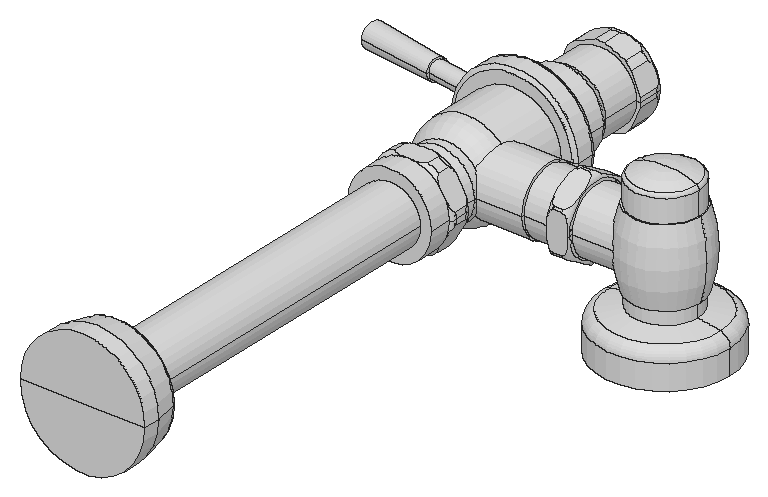
Revit family "Plumbing-Flushometer-Sloan-Valve-Dolphin-111_", category Plumbing Fixtures, host Face, Revit 2019
Family settings
  Host = Face
  Round Connector Dimension = Use Diameter
  Part Type = Normal
  OmniClass Number = 23.45.05.14.99
  OmniClass Title = Other Sanitary Washing Plumbing Fixtures
  Cut with Voids When Loaded = No
  Shared = No
  Room Calculation Point = No
Parameters (values of type "Not a Type - Load Type Catalog!")
  Water Inlet Connection Diameter = 1"  # constant formula
  Water Inlet Connection Description = "Water Inlet Connection"  # constant formula
  Waste Connection = no
  WFU = 0
  Vent Connection = no
  Valve Pressure Drop = 0.00 psi
  URL = "www.sloanvalve.com"
  Product data url = "https://bimobject.com/sloan_valve/product/flushometers_dolphin-111"
  Product Material = Sloan Valve - Finish - Polished Chrome
  Product Guid = ""
  Part Number = "Part Number not specified - Load Type Catalog!"
  Operating Water Pressure = "15 – 80 PSI (103 – 552 kPa)"  # constant formula
  Model = "Model not specified - Load Type Catalog!"
  Manufacturer = "Sloan Valve"  # constant formula
  Keynote = "15410"
  Height = 16 3/8"  # constant formula
  HWFU = 0
  HW Connection = no
  Flush Rate = "1.6 gpf (6.0 Lpf)"
  Edition number = 1
  Description = "1.6 gpf, Angle Stop Bumper, Polished Chrome Finish, Fixture Connection Top Spud, Single Flush, Ground Joint Control Stop, Less Vacuum Breaker, Dolphin Exposed Manual Water Closet Flushometer."
  Default Elevation = 0"
  Centerline of Supply to Centerline of Valve = 4 3/4"  # constant formula
  Centerline of Supply from Top of Fixture = 11 1/2"  # constant formula
  CWFU = 0
  CW Connection = yes
  Assembly Code = "D2020300"
Reference planes (in)
  plane 1 "Center (Front/Back)": y = -1.25
  plane 2: z = 0
  plane 3 "Center (Left/Right)": x = 0
  plane 4: y = -12.75
  plane 5: x = 4.75
Dimensions and locks (in)
  plane 4 to nested 1 = 16.32677"
  aligned and locked: plane 2 to host face
  aligned and locked: level to host face
Nested families (in)
  nested 1: "Geometry" at (0, -12.75, 0) x (1, 0, 0) z (0, 1, 0), type "Geometry"
Connectors (in)
  piping at (4.75, -1.25, 0), diameter 1, driven by "Water Inlet Connection Diameter", driven by "CWFU", driven by "Valve Pressure Drop", driven by "Water Inlet Connection Description"
    settings: on nested 1, index 3, connector inside diameter 24", connector length 0", flow factor 0, pipe flow 0 GPM, pressure drop 0.00 psi, fitting loss kfactor 0, connector angle 0.00°, fixture units 0, engagement length 0", angle of deflection 0.00°, flow configuration 3, flow direction 1, fitting loss method 4, system type 20, joint type 0, gender type 0, connector reference index -1, connector utility 0, adjustable connector no, is connector primary yes, connector description "Water Inlet Connection"
Definition of nested family "Geometry"
  Parameters (values of type "Geometry")
    URL = ""
    Product Material = none
    Model = ""
    Manufacturer = ""
    Keynote = ""
    Description = ""
    Default Elevation = 0"
    Assembly Code = ""
  Reference planes (in)
    plane 1 "Center (Front/Back)": y = 0
    plane 2: z = 0
    plane 3 "Center (Left/Right)": x = 0
    plane 4: x = 4.75
    plane 5: y = -2.25
    plane 6: z = 11.5
    plane 7: z = 16.32677
    plane 8: z = 15.48819
    plane 9: x = -0.98425
    plane 10: z = 14.56299
    plane 11: z = 13.42913
    plane 12: z = 11.5
    plane 13: z = 10.87008
    plane 14: z = 10.64567
    plane 15: z = 10.26772
    plane 16: z = 13.88189
    plane 17: through (-5.0569, -180, 14.67508) normal (0.1564, 0, 0.9877)
    plane 18: through (-4.5093, -180, 14.58477) normal (-0.9867, 0, 0.1627)
    plane 19: z = 1.10236
    plane 20: x = 1.49606
    plane 21: z = 1.05236
    plane 22: x = 1.36024
  Forms (in)
    Extrusion 1, solid
      sketch origin (0, 0, 0) x (1, 0, 0) y (0, 1, 0)
        loop
          line (-48, 48) -> (-48, -48) -> (48, -48) -> (48, 48) -> (-48, 48)
      from 0 to -12
    Extrusion 2, solid, material <- "Product Material", not visible
      sketch origin (0, 0, 0) x (1, 0, 0) y (0, 0, 1)
        loop
          circle (4.75, 11.5) r 1
      from 0.07956 to 0
    Revolve 3, solid, material <- "Product Material"
      sketch origin (0, 3, 11.5) x (1, 0, 0) y (0, 1, 0)
        loop
          arc (5.59646, -6.1752) -> (5.75502, -5.25) -> (5.59646, -4.3248) r 2.77845
          line (5.59646, -4.3248) -> (5.5374, -4.3248) -> (5.5374, -3.99194)
          arc (5.5374, -3.99194) -> (5.8144, -3.95568) -> (6.08617, -3.89103) r 2.70259
          arc (6.08617, -3.89103) -> (6.24431, -3.78128) -> (6.30512, -3.59864) r 0.3047
          line (6.30512, -3.59864) -> (6.30512, -3) -> (4.75, -3) -> (4.75, -6.97813)
          arc (4.75, -6.97813) -> (5.13409, -6.94086) -> (5.49815, -6.81288) r 1.60287
          arc (5.49815, -6.81288) -> (5.54115, -6.77387) -> (5.55709, -6.71804) r 0.10577
          line (5.55709, -6.71804) -> (5.55709, -6.1752) -> (5.59646, -6.1752)
        axis (4.75, -3) -> (4.75, -6.97813)
      angle from 0 to 360
    Revolve 4, solid, material <- "Product Material"
      sketch origin (0, -2.25, -15) x (1, 0, 0) y (0, 0, 1)
        loop
          line (1.49606, 15) -> (1.49606, 15.41339) -> (1.3704, 16.00454)
          arc (1.3704, 16.00454) -> (1.34962, 16.04163) -> (1.31148, 16.06042) r 0.07165
          arc (1.31148, 16.06042) -> (1.04671, 16.09164) -> (0.78031, 16.10206) r 3.40813
          line (0.78031, 16.10206) -> (0, 16.10206) -> (0, 15) -> (1.49606, 15)
        axis (0, 15) -> (0, 16.10206)
      angle from 0 to 360
    Revolve 5, solid, material <- "Product Material"
      sketch origin (0, -2.25, -15) x (1, 0, 0) y (0, 0, 1)
        loop
          line (0, 31.32677) -> (-0.62992, 31.32677) -> (-0.8835, 31.14927)
          arc (-0.8835, 31.14927) -> (-0.95755, 31.06484) -> (-0.98425, 30.95575) r 0.23622
          line (-0.98425, 30.95575) -> (-0.98425, 30.48819) -> (-0.8622, 30.48819) -> (-0.8622, 29.56299) -> (-0.98031, 29.36614) -> (-0.98031, 28.42913) -> (-1.44882, 28.42913)
          arc (-1.44882, 28.42913) -> (-1.5045, 28.40607) -> (-1.52756, 28.35039) r 0.07874
          line (-1.52756, 28.35039) -> (-1.52756, 27.93701) -> (-1.4252, 27.87795) -> (-1.14173, 27.87795) -> (-1.14173, 26.5)
          arc (-1.14173, 26.5) -> (-1.06982, 26.15622) -> (-0.86614, 25.87008) r 0.85771
          line (-0.86614, 25.87008) -> (-0.86614, 25.64567) -> (-0.82677, 25.26772) -> (0, 25.26772) -> (0, 31.32677)
        axis (0, 31.32677) -> (0, 25.26772)
      angle from 0 to 360
    Revolve 6, solid, material <- "Product Material"
      sketch origin (0, -2.25, -13.75) x (1, 0, 0) y (0, 0, 1)
        loop
          line (0, 26.05709) -> (0, 25.25) -> (4.10919, 25.25) -> (4.10919, 26.01772) -> (3.12494, 26.01772) -> (3.12494, 26.07677)
          arc (3.12494, 26.07677) -> (3.07881, 26.18813) -> (2.96746, 26.23425) r 0.15748
          line (2.96746, 26.23425) -> (2.75117, 26.23425)
          arc (2.75117, 26.23425) -> (2.63981, 26.18813) -> (2.59369, 26.07677) r 0.15748
          line (2.59369, 26.07677) -> (2.59369, 26.01772) -> (1.97042, 26.01772) -> (1.97042, 26.05709) -> (0, 26.05709)
        axis (0, 25.25) -> (4.10919, 25.25)
      angle from 0 to 360
    Extrusion 7, solid, material <- "Product Material"
      sketch origin (2.25, -2.25, 0.40132) x (0, -1, 0) y (0, 0, 1)
        loop
          circle (0, 13.37362) r 0.52756
      from 2.25 to 3.68307
    Revolve 8, solid, material <- "Product Material"
      sketch origin (2.25, -2.25, 0) x (1, 0, 0) y (0, 0, 1)
        loop
          line (-3.23589, 13.81106) -> (-3.23589, 14.0303) -> (-5.01019, 14.31132) -> (-5.00403, 14.3502) -> (-6.74592, 14.66595) -> (-6.79211, 14.37431) -> (-3.23589, 13.81106)
        axis (-3.23589, 13.81106) -> (-6.79211, 14.37431)
      angle from 0 to 360
    Extrusion 9, void
      sketch origin (0, 0, 0) x (1, 0, 0) y (0, 1, 0)
        loop
          line (0.72318, -1.52682) -> (0.80733, -1.44267)
          arc (0.80733, -1.44267) -> (0.43692, -1.19518) -> (0, -1.10827) r 1.14173
          line (0, -1.10827) -> (0, -1.22727) -> (0.72318, -1.52682)
        loop
          line (-0.72318, -2.97318) -> (-0.80733, -3.05733)
          arc (-0.80733, -3.05733) -> (-0.43692, -3.30482) -> (0, -3.39173) r 1.14173
          line (0, -3.39173) -> (0, -3.27273) -> (-0.72318, -2.97318)
      from 15.04326 to 16.62359
    Extrusion 10, void
      sketch origin (0, 0, 0) x (1, 0, 0) y (0, 1, 0)
        loop
          line (0, -1.22727) -> (0, -1.10827)
          arc (0, -1.10827) -> (-0.43692, -1.19518) -> (-0.80733, -1.44267) r 1.14173
          line (-0.80733, -1.44267) -> (-0.72318, -1.52682) -> (0, -1.22727)
        loop
          line (0, -3.27273) -> (0, -3.39173)
          arc (0, -3.39173) -> (0.43692, -3.30482) -> (0.80733, -3.05733) r 1.14173
          line (0.80733, -3.05733) -> (0.72318, -2.97318) -> (0, -3.27273)
      from 15.14778 to 16.56034
    Extrusion 11, void
      sketch origin (0, 0, 0) x (1, 0, 0) y (0, 1, 0)
        loop
          line (-0.72318, -1.52682) -> (-0.80733, -1.44267)
          arc (-0.80733, -1.44267) -> (-1.05482, -1.81308) -> (-1.14173, -2.25) r 1.14173
          line (-1.14173, -2.25) -> (-1.02273, -2.25) -> (-0.72318, -1.52682)
        loop
          line (0.72318, -2.97318) -> (0.80733, -3.05733)
          arc (0.80733, -3.05733) -> (1.05482, -2.68692) -> (1.14173, -2.25) r 1.14173
          line (1.14173, -2.25) -> (1.02273, -2.25) -> (0.72318, -2.97318)
      from 15.14778 to 16.56034
    Extrusion 12, void
      sketch origin (0, 0, 0) x (1, 0, 0) y (0, 1, 0)
        loop
          line (-1.02273, -2.25) -> (-1.14069, -2.29886)
          arc (-1.14069, -2.29886) -> (-1.05482, -2.68692) -> (-0.84113, -3.02204) r 1.14173
          line (-0.84113, -3.02204) -> (-0.72318, -2.97318) -> (-1.02273, -2.25)
        loop
          line (1.02273, -2.25) -> (1.14069, -2.20114)
          arc (1.14069, -2.20114) -> (1.05482, -1.81308) -> (0.84113, -1.47796) r 1.14173
          line (0.84113, -1.47796) -> (0.72318, -1.52682) -> (1.02273, -2.25)
      from 15.04326 to 16.62359
    Extrusion 13, void
      sketch origin (0, 0, 0) x (0, 1, 0) y (0, 0, 1)
        loop
          line (-2.75007, 12.36614) -> (-3.25013, 11.5) -> (-2.75007, 10.63386) -> (-1.74993, 10.63386) -> (-1.24987, 11.5) -> (-1.74993, 12.36614) -> (-2.75007, 12.36614)
        loop
          circle (-2.25, 11.5) r 1.14765
      from 2.39057 to 3.41203
    Revolve 14, solid, material <- "Product Material"
      sketch origin (60, -2.25, 65) x (1, 0, 0) y (0, 0, 1)
        loop
          line (-60, -54.73228) -> (-60.94488, -54.73228)
          arc (-60.94488, -54.73228) -> (-61.0284, -54.76688) -> (-61.06299, -54.85039) r 0.11811
          line (-61.06299, -54.85039) -> (-61.06299, -55.16535)
          arc (-61.06299, -55.16535) -> (-61.0284, -55.24887) -> (-60.94488, -55.28346) r 0.11811
          line (-60.94488, -55.28346) -> (-60, -55.28346) -> (-60, -54.73228)
        axis (-60, -54.73228) -> (-60, -55.28346)
      angle from 0 to 360
    Extrusion 15, void
      sketch origin (0, 0, 0) x (1, 0, 0) y (0, 1, 0)
        loop
          line (0.56826, -3.23425) -> (1.13652, -2.25) -> (0.56826, -1.26575) -> (-0.56826, -1.26575) -> (-1.13652, -2.25) -> (-0.56826, -3.23425) -> (0.56826, -3.23425)
        loop
          circle (0, -2.25) r 1.27435
      from 9.49041 to 10.52512
    Extrusion 16, solid, material <- "Product Material"
      sketch origin (0, 0, 0) x (1, 0, 0) y (0, 1, 0)
        loop
          circle (0, -2.25) r 1
      from 9.20511 to 9.71692
    Extrusion 17, solid, material <- "Product Material"
      sketch origin (0, 0, 0) x (1, 0, 0) y (0, 1, 0)
        loop
          circle (0, -2.25) r 0.7189
      from 1.28583 to 9.20511
    Extrusion 18, solid, material <- "Product Material"
      sketch origin (0, 0, 0) x (1, 0, 0) y (0, 1, 0)
        loop
          circle (0, -2.25) r 1.06299
      from 1.07402 to 1.28583
    Extrusion 19, void
      sketch origin (0, 0, 0) x (1, 0, 0) y (0, 1, 0)
        loop
          line (0.56826, -3.23425) -> (1.13652, -2.25) -> (0.56826, -1.26575) -> (-0.56826, -1.26575) -> (-1.13652, -2.25) -> (-0.56826, -3.23425) -> (0.56826, -3.23425)
        loop
          circle (0, -2.25) r 1.24078
      from 0.8307 to 1.52631
  Cuts and joins
    Extrusion 9, Extrusion 10, Extrusion 11, Extrusion 12 cuts Revolve 5
    Extrusion 13 cuts Revolve 6
    joined: Revolve 3, Revolve 5, Revolve 6, Extrusion 7
    Extrusion 15 cuts Revolve 14
    Extrusion 19 cuts Extrusion 18
  Lines and regions (in)
    Masking region 1
      outline origin (0, 0, 0) x (1, 0, 0) y (0, 1, 0)
        loop
          line (2.59369, -1.48228) -> (1.97042, -1.48228) -> (1.97042, -1.44182) -> (1.40349, -1.44182)
          arc (1.40349, -1.44182) -> (-0.3139, -0.66116) -> (-1.60538, -2.03626) r 1.61955
          line (-1.60538, -2.03626) -> (-2.77204, -2.03626)
          spline (-2.77204, -2.03626) -> (-2.77369, -2.02969) -> (-2.77539, -2.02363) -> (-2.77713, -2.01811) -> (-2.77891, -2.01313) -> (-2.78072, -2.00871) -> (-2.78257, -2.00486) -> (-2.78444, -2.00159) -> (-2.78634, -1.9989) -> (-2.78825, -1.9968) -> (-2.79018, -1.9953) -> (-2.79212, -1.9944) -> (-2.79406, -1.99409)
          line (-2.79406, -1.99409) -> (-4.54211, -1.95473)
          spline (-4.54211, -1.95473) -> (-4.54814, -1.95725) -> (-4.55406, -1.96479) -> (-4.55978, -1.9772) -> (-4.5652, -1.99429) -> (-4.57023, -2.01574) -> (-4.57477, -2.04121) -> (-4.57875, -2.07025) -> (-4.58211, -2.10236) -> (-4.58478, -2.137) -> (-4.58672, -2.17358) -> (-4.5879, -2.21146) -> (-4.5883, -2.25)
          spline (-4.5883, -2.25) -> (-4.5879, -2.28854) -> (-4.58672, -2.32642) -> (-4.58478, -2.363) -> (-4.58211, -2.39764) -> (-4.57875, -2.42975) -> (-4.57477, -2.45879) -> (-4.57023, -2.48426) -> (-4.5652, -2.50571) -> (-4.55978, -2.5228) -> (-4.55406, -2.53521) -> (-4.54814, -2.54275) -> (-4.54211, -2.54527)
          line (-4.54211, -2.54527) -> (-2.79406, -2.50591)
          spline (-2.79406, -2.50591) -> (-2.79217, -2.50562) -> (-2.79029, -2.50477) -> (-2.78841, -2.50335) -> (-2.78655, -2.50137) -> (-2.78471, -2.49883) -> (-2.78288, -2.49573) -> (-2.78108, -2.49209) -> (-2.77931, -2.48791) -> (-2.77758, -2.48321) -> (-2.77587, -2.47798) -> (-2.77421, -2.47225) -> (-2.7726, -2.46602)
          line (-2.7726, -2.46602) -> (-1.60508, -2.46602)
          arc (-1.60508, -2.46602) -> (-0.31137, -3.83934) -> (1.40491, -3.05572) r 1.61955
          line (1.40491, -3.05572) -> (1.97042, -3.05572) -> (1.97042, -3.01772) -> (2.59369, -3.01772) -> (2.59369, -3.1756) -> (2.62298, -3.23425) -> (3.09564, -3.23425) -> (3.12494, -3.1756) -> (3.12494, -3.01772) -> (3.85315, -3.01772) -> (3.90354, -3.1752) -> (3.94291, -3.1752) -> (3.94291, -3.71843)
          arc (3.94291, -3.71843) -> (3.95978, -3.77536) -> (4.00492, -3.81392) r 0.10452
          arc (4.00492, -3.81392) -> (4.75, -3.97229) -> (5.49508, -3.81392) r 1.83184
          arc (5.49508, -3.81392) -> (5.54022, -3.77536) -> (5.55709, -3.71843) r 0.10452
          line (5.55709, -3.71843) -> (5.55709, -3.1752) -> (5.59646, -3.1752)
          arc (5.59646, -3.1752) -> (5.75613, -2.25) -> (5.59646, -1.3248) r 2.76023
          line (5.59646, -1.3248) -> (5.5374, -1.3248) -> (5.5374, -0.99194)
          arc (5.5374, -0.99194) -> (5.8206, -0.95767) -> (6.09703, -0.88721) r 2.21037
          arc (6.09703, -0.88721) -> (6.24761, -0.77781) -> (6.30512, -0.6008) r 0.30114
          line (6.30512, -0.6008) -> (6.30512, 0) -> (3.19488, 0) -> (3.19488, -0.6008)
          arc (3.19488, -0.6008) -> (3.25239, -0.77781) -> (3.40297, -0.88721) r 0.30114
          arc (3.40297, -0.88721) -> (3.6794, -0.95767) -> (3.9626, -0.99194) r 2.21037
          line (3.9626, -0.99194) -> (3.9626, -1.3248) -> (3.90354, -1.3248) -> (3.85315, -1.48228) -> (3.12494, -1.48228) -> (3.12494, -1.3244) -> (3.09564, -1.26575) -> (2.62298, -1.26575) -> (2.59369, -1.3244) -> (2.59369, -1.48228)
    symbolic lines, detail levels medium+fine
      curve 1: line (2.59369, -1.48228, 0) -> (2.59369, -3.01772, 0)
      curve 2: line (3.12494, -3.01772, 0) -> (3.12494, -1.48228, 0)
      curve 4: line (3.90354, -1.3248, 0) -> (5.59646, -1.3248, 0)
      curve 5: line (3.9626, -0.99194, 0) -> (5.5374, -0.99194, 0)
      curve 6: line (3.94291, -3.1752, 0) -> (5.55709, -3.1752, 0)
      curve 9: arc (1.40349, -1.44182, 0) -> (1.61955, -2.25, 0) -> (1.40349, -3.05818, 0) r 1.61955
      curve 16: line (1.97042, -1.48228, 0) -> (1.97042, -3.01772, 0)
    symbolic lines, detail levels fine
      curve 3: arc (3.85315, -1.48228, 0) -> (4.1014, -2.25, 0) -> (3.85315, -3.01772, 0) r 1.3112
      curve 7: arc (-4.54211, -2.54527, 0) -> (-4.49592, -2.25, 0) -> (-4.54211, -1.95473, 0) r 0.96686
      curve 8: arc (-2.77204, -2.03626, 0) -> (-2.75403, -2.25114, 0) -> (-2.77204, -2.46602, 0) r 1.29031
      curve 10: circle (0, -2.25, 0) r 0.98425 normal (0, 0, 1)
      curve 11: line (-1.43307, -1.72244, 0) -> (-0.83092, -1.72244, 0)
      curve 12: line (-1.43307, -1.72244, 0) -> (-1.43307, -2.77756, 0)
      curve 13: line (-1.43307, -2.77756, 0) -> (-0.83092, -2.77756, 0)
      curve 14: line (-1.60508, -2.46602, 0) -> (-1.43307, -2.46602, 0)
      curve 15: line (-1.60538, -2.03626, 0) -> (-1.43307, -2.03626, 0)
  Dimensions and locks (in)
    Extrusion 2 sketch curve to plane 2 = 11 1/2"
    Extrusion 2 sketch curve to plane 3 "Center (Left/Right)" = 4 3/4"
    plane 3 "Center (Left/Right)" to plane 4 = 4 3/4"
    plane 6 to plane 2 = 11 1/2"
    plane 10 to plane 11 = 1.13386"
    Extrusion 7 to Revolve 5 sketch curve = 1.52756"
    plane 7 to plane 15 = 6.05906"
    plane 16 to plane 6 = 2.38189"
    plane 17 to Revolve 8 sketch curve = 0.21654"
    plane 18 to Revolve 8 sketch curve = 3.14961"
    plane 19 to Extrusion 1 = 1.10236"
    plane 20 to plane 3 "Center (Left/Right)" = 1.49606"
    plane 19 to plane 21 = 0.05"
    plane 20 to plane 22 = 0.13583"
    Revolve 14 sketch curve to Revolve 14 sketch curve = 0.55118"
    Revolve 14 sketch curve to plane 3 "Center (Left/Right)" = 1.06299"
    aligned and locked: plane 2 to Extrusion 1
    aligned and locked: level to Extrusion 1
    aligned and locked: Extrusion 2 to plane 1 "Center (Front/Back)"
  Automatic sketch dimensions
    Extrusion 1 sketch curve to Extrusion 1 sketch curve = 96"  (x2)
    plane 5 to Revolve 3 sketch curve = 0"
    Revolve 3 sketch curve to plane 4 = 0"  (x2)
    plane 1 "Center (Front/Back)" to Revolve 3 sketch curve = 0"
    plane 4 to Revolve 3 sketch curve = 1 99/128"
    Revolve 3 sketch curve to plane 4 = 0.03838"
    Revolve 3 sketch curve to plane 4 = 0.5756"
    Revolve 3 sketch curve to plane 4 = 0.70131"
    Revolve 3 sketch curve to plane 4 = 0.7874"
    Revolve 3 sketch curve to Revolve 3 sketch curve = 0.10577"
    Revolve 3 sketch curve to Revolve 3 sketch curve = 0.05906"
    Revolve 3 sketch curve to Revolve 3 sketch curve = 0.03937"
    Revolve 3 sketch curve to Revolve 3 sketch curve = 0.46302"
    Revolve 3 sketch curve to Revolve 3 sketch curve = 39/128"
    plane 5 to Revolve 3 sketch curve = 0.12572"
    plane 5 to Revolve 3 sketch curve = 0.9252"
    Revolve 3 sketch curve to Revolve 3 sketch curve = 0.54284"
    Revolve 3 sketch curve to Revolve 3 sketch curve = 0.26009"
    Revolve 3 sketch curve to Revolve 3 sketch curve = 0.33286"
    Revolve 3 sketch curve to Revolve 3 sketch curve = 0.59864"
    Revolve 3 sketch curve to plane 1 "Center (Front/Back)" = 1.70234"
    Revolve 3 sketch curve to Revolve 3 sketch curve = 0.09"
    Revolve 3 sketch curve to Revolve 3 sketch curve = 0.12423"
    Extrusion 7 sketch curve to plane 5 = 0"
    plane 6 to Extrusion 7 sketch curve = 2.27494"
    Revolve 5 sketch curve to plane 11 = 0"
    Revolve 5 sketch curve to plane 6 = 0"
    Revolve 5 sketch curve to plane 9 = 0"
    Revolve 5 sketch curve to plane 14 = 0"
    Revolve 5 sketch curve to plane 13 = 0"
    Revolve 5 sketch curve to plane 10 = 0"
    Revolve 5 sketch curve to plane 8 = 0"
    Revolve 5 sketch curve to plane 15 = 0"
    Revolve 5 sketch curve to plane 7 = 0"
    Revolve 5 sketch curve to plane 3 "Center (Left/Right)" = 0"  (x2)
    Revolve 5 sketch curve to plane 11 = 0.07874"
    Revolve 5 sketch curve to Revolve 5 sketch curve = 0.10236"
    Revolve 5 sketch curve to plane 9 = 0.15748"
    plane 9 to Revolve 5 sketch curve = 0.00394"
    plane 9 to Revolve 5 sketch curve = 0.10076"
    plane 9 to Revolve 5 sketch curve = 0.11811"
    plane 9 to Revolve 5 sketch curve = 0.12205"
    plane 9 to Revolve 5 sketch curve = 0.15748"
    Revolve 5 sketch curve to Revolve 5 sketch curve = 0.23622"
    Revolve 5 sketch curve to Revolve 5 sketch curve = 0.25357"
    Revolve 5 sketch curve to plane 11 = 0.55118"
    Revolve 5 sketch curve to Revolve 5 sketch curve = 0.05906"
    Revolve 5 sketch curve to plane 10 = 0.19685"
    Revolve 5 sketch curve to level = 24"
    Revolve 5 sketch curve to Revolve 5 sketch curve = 85.14205"
    plane 18 to Revolve 8 sketch curve = 0"
    Revolve 8 sketch curve to plane 17 = 0"  (x2)
    Revolve 8 sketch curve to plane 16 = 0"
    plane 16 to Revolve 8 sketch curve = 0.42943"
    Revolve 8 sketch curve to plane 16 = 0.07083"
    Revolve 8 sketch curve to Revolve 8 sketch curve = 0.00616"
    plane 16 to Revolve 8 sketch curve = 0.46176"
    Revolve 8 sketch curve to Revolve 8 sketch curve = 0.19357"
    plane 16 to Revolve 8 sketch curve = 0.78406"
    Extrusion 9 sketch curve to plane 3 "Center (Left/Right)" = 0.72318"
    plane 3 "Center (Left/Right)" to Extrusion 9 sketch curve = 0.72318"
    plane 5 to Extrusion 9 sketch curve = 0.72318"
    Extrusion 9 sketch curve to plane 5 = 0.72318"
    Extrusion 9 sketch curve to Extrusion 9 sketch curve = 0.08415"  (x4)
    Extrusion 9 sketch curve to Extrusion 9 sketch curve = 0.119"  (x2)
    Extrusion 9 sketch curve to Extrusion 9 sketch curve = 0"  (x2)
    Extrusion 9 sketch curve to plane 3 "Center (Left/Right)" = 0"
    plane 5 to Extrusion 9 sketch curve = 0"
    Extrusion 10 sketch curve to plane 3 "Center (Left/Right)" = 0"  (x2)
    plane 5 to Extrusion 10 sketch curve = 0"
    Extrusion 10 sketch curve to plane 3 "Center (Left/Right)" = 0.72318"
    Extrusion 10 sketch curve to Extrusion 10 sketch curve = 0.29955"
    Extrusion 10 sketch curve to Extrusion 10 sketch curve = 0.08415"  (x4)
    Extrusion 10 sketch curve to Extrusion 10 sketch curve = 0"  (x2)
    plane 3 "Center (Left/Right)" to Extrusion 10 sketch curve = 0.72318"
    plane 5 to Extrusion 10 sketch curve = 0.72318"
    Extrusion 10 sketch curve to Extrusion 10 sketch curve = 0.119"
    Extrusion 10 sketch curve to plane 5 = 0.72318"
    Extrusion 11 sketch curve to plane 3 "Center (Left/Right)" = 0"
    plane 5 to Extrusion 11 sketch curve = 0"
    Extrusion 11 sketch curve to plane 3 "Center (Left/Right)" = 0.72318"
    Extrusion 11 sketch curve to plane 5 = 0.72318"
    Extrusion 11 sketch curve to Extrusion 11 sketch curve = 0.119"  (x2)
    Extrusion 11 sketch curve to Extrusion 11 sketch curve = 0"  (x2)
    plane 3 "Center (Left/Right)" to Extrusion 11 sketch curve = 0.72318"
    Extrusion 11 sketch curve to Extrusion 11 sketch curve = 0.29955"  (x2)
    Extrusion 11 sketch curve to Extrusion 11 sketch curve = 0.08415"  (x3)
    Extrusion 12 sketch curve to Extrusion 12 sketch curve = 0"  (x2)
    plane 5 to Extrusion 12 sketch curve = 0"  (x3)
    Extrusion 12 sketch curve to plane 3 "Center (Left/Right)" = 0"
    Extrusion 12 sketch curve to Extrusion 12 sketch curve = 0.11795"  (x2)
    Extrusion 12 sketch curve to Extrusion 12 sketch curve = 0.29955"  (x2)
    plane 3 "Center (Left/Right)" to Extrusion 12 sketch curve = 0.72318"
    Extrusion 12 sketch curve to plane 5 = 0.04886"
    plane 5 to Extrusion 12 sketch curve = 0.72318"
    plane 5 to Extrusion 12 sketch curve = 0.04886"
    Revolve 6 sketch curve to plane 3 "Center (Left/Right)" = 0"
    Revolve 6 sketch curve to plane 6 = 0"  (x2)
    plane 6 to Revolve 6 sketch curve = 0.76772"
    plane 3 "Center (Left/Right)" to Revolve 6 sketch curve = 1.97042"
    Revolve 6 sketch curve to Revolve 6 sketch curve = 0.62326"
    Revolve 6 sketch curve to Revolve 6 sketch curve = 0.15748"  (x2)
    Revolve 6 sketch curve to Revolve 6 sketch curve = 0.21629"
    plane 4 to Revolve 6 sketch curve = 0.64081"
    Revolve 6 sketch curve to Revolve 6 sketch curve = 0"
    Revolve 6 sketch curve to Revolve 6 sketch curve = 0.03937"
    Revolve 6 sketch curve to Revolve 6 sketch curve = 0.05906"
    plane 3 "Center (Left/Right)" to Revolve 6 sketch curve = 3/4"
    Revolve 6 sketch curve to Revolve 6 sketch curve = 1/2"
    Extrusion 13 sketch curve to plane 6 = 0"  (x3)
    Extrusion 13 sketch curve to plane 5 = 0"
    plane 5 to Extrusion 13 sketch curve = 0.50007"  (x2)
    Extrusion 13 sketch curve to Extrusion 13 sketch curve = 1.00013"
    Extrusion 13 sketch curve to plane 5 = 0.50007"  (x2)
    Extrusion 13 sketch curve to plane 5 = 1.00013"
    Extrusion 13 sketch curve to plane 6 = 0.86614"
    plane 6 to Extrusion 13 sketch curve = 0.86614"
    Revolve 4 sketch curve to level = 0"
    Revolve 4 sketch curve to plane 3 "Center (Left/Right)" = 0"  (x2)
    Revolve 4 sketch curve to plane 20 = 0"
    Revolve 4 sketch curve to plane 22 = 0.57992"
    Revolve 4 sketch curve to plane 22 = 0.05992"
    plane 22 to Revolve 4 sketch curve = 0.01017"
    Revolve 4 sketch curve to level = 2.30606"
    level to Revolve 4 sketch curve = 0.41339"
    Revolve 4 sketch curve to plane 21 = 0.06272"
    Revolve 4 sketch curve to plane 21 = 0.04782"
    Revolve 4 sketch curve to plane 19 = 0.0003"
    Revolve 4 sketch curve to Revolve 4 sketch curve = 0"
    plane 19 to Revolve 4 sketch curve = 0.33406"
    Revolve 14 sketch curve to plane 3 "Center (Left/Right)" = 0"  (x2)
    Revolve 14 sketch curve to Revolve 14 sketch curve = 0.11811"  (x2)
    Revolve 14 sketch curve to plane 6 = 1.78346"
    Revolve 14 sketch curve to Revolve 14 sketch curve = 0.13501"
    Revolve 14 sketch curve to Revolve 14 sketch curve = 0.19685"
    plane 5 to Extrusion 15 sketch curve = 0"  (x3)
    Extrusion 15 sketch curve to plane 3 "Center (Left/Right)" = 0"
    Extrusion 15 sketch curve to plane 3 "Center (Left/Right)" = 0.56826"  (x2)
    Extrusion 15 sketch curve to Extrusion 15 sketch curve = 1.13652"
    plane 3 "Center (Left/Right)" to Extrusion 15 sketch curve = 0.56826"  (x2)
    Extrusion 15 sketch curve to Extrusion 15 sketch curve = 0.56826"
    plane 5 to Extrusion 15 sketch curve = 0.98425"
    Extrusion 15 sketch curve to plane 5 = 0.98425"
    Extrusion 16 sketch curve to plane 3 "Center (Left/Right)" = 0"
    plane 5 to Extrusion 16 sketch curve = 0"
    Extrusion 17 sketch curve to plane 3 "Center (Left/Right)" = 0"
    plane 5 to Extrusion 17 sketch curve = 0"
    Extrusion 18 sketch curve to plane 3 "Center (Left/Right)" = 0"
    plane 5 to Extrusion 18 sketch curve = 0"
    plane 5 to Extrusion 19 sketch curve = 0"  (x3)
    Extrusion 19 sketch curve to plane 3 "Center (Left/Right)" = 0"
    Extrusion 19 sketch curve to plane 3 "Center (Left/Right)" = 0.56826"  (x2)
    Extrusion 19 sketch curve to Extrusion 19 sketch curve = 1.13652"
    plane 3 "Center (Left/Right)" to Extrusion 19 sketch curve = 0.56826"  (x2)
    Extrusion 19 sketch curve to Extrusion 19 sketch curve = 0.56826"
    plane 5 to Extrusion 19 sketch curve = 0.98425"
    Extrusion 19 sketch curve to plane 5 = 0.98425"
    Masking region 1 sketch curve to Masking region 1 sketch curve = 0"  (x6)
    plane 5 to Masking region 1 sketch curve = 0"  (x5)
    Masking region 1 sketch curve to plane 3 "Center (Left/Right)" = 0"
    plane 1 "Center (Front/Back)" to Masking region 1 sketch curve = 0"
    Masking region 1 sketch curve to plane 4 = 0"
    plane 5 to Masking region 1 sketch curve = 0.21602"
    Masking region 1 sketch curve to plane 5 = 0.21374"
    Masking region 1 sketch curve to Masking region 1 sketch curve = 0.00031"
    Masking region 1 sketch curve to Masking region 1 sketch curve = 1.16666"
    Masking region 1 sketch curve to Masking region 1 sketch curve = 0.00055"
    plane 5 to Masking region 1 sketch curve = 0.25591"
    Masking region 1 sketch curve to Masking region 1 sketch curve = 0.02146"
    Masking region 1 sketch curve to plane 5 = 0.25591"
    Masking region 1 sketch curve to Masking region 1 sketch curve = 0.02201"
    Masking region 1 sketch curve to plane 5 = 0.29527"
    Masking region 1 sketch curve to Masking region 1 sketch curve = 1.74805"
    plane 5 to Masking region 1 sketch curve = 0.29527"
    Masking region 1 sketch curve to plane 5 = 0.80818"
    Masking region 1 sketch curve to Masking region 1 sketch curve = 0.56693"
    Masking region 1 sketch curve to Masking region 1 sketch curve = 0.62326"  (x2)
    Masking region 1 sketch curve to plane 5 = 0.98425"
    Masking region 1 sketch curve to Masking region 1 sketch curve = 0.02929"  (x4)
    Masking region 1 sketch curve to Masking region 1 sketch curve = 0.40222"
    Masking region 1 sketch curve to Masking region 1 sketch curve = 121/256"  (x2)
    Masking region 1 sketch curve to Masking region 1 sketch curve = 0.09924"
    Masking region 1 sketch curve to Masking region 1 sketch curve = 0.30114"  (x2)
    Masking region 1 sketch curve to Masking region 1 sketch curve = 0.72821"  (x2)
    Masking region 1 sketch curve to Masking region 1 sketch curve = 0.0504"  (x2)
    Masking region 1 sketch curve to Masking region 1 sketch curve = 0.03937"  (x2)
    Masking region 1 sketch curve to Masking region 1 sketch curve = 0.05906"  (x2)
    Masking region 1 sketch curve to Masking region 1 sketch curve = 0.10452"  (x2)
    plane 4 to Masking region 1 sketch curve = 0.66399"
    Masking region 1 sketch curve to plane 4 = 0.66399"
    Masking region 1 sketch curve to plane 4 = 0.70256"
    Masking region 1 sketch curve to plane 4 = 0.7874"
    Masking region 1 sketch curve to Masking region 1 sketch curve = 0.46658"
    plane 5 to Masking region 1 sketch curve = 0.76772"
    Masking region 1 sketch curve to Masking region 1 sketch curve = 0.038"
    Masking region 1 sketch curve to Masking region 1 sketch curve = 0.15748"  (x2)
    plane 5 to Masking region 1 sketch curve = 0.9252"
    Masking region 1 sketch curve to Masking region 1 sketch curve = 0.15788"  (x2)
    Masking region 1 sketch curve to Masking region 1 sketch curve = 0.05865"  (x3)
    Masking region 1 sketch curve to Masking region 1 sketch curve = 0.54323"  (x2)
    Masking region 1 sketch curve to plane 5 = 0.10955"
    Masking region 1 sketch curve to Masking region 1 sketch curve = 0.21654"  (x2)
    Masking region 1 sketch curve to Masking region 1 sketch curve = 0.33286"  (x2)
    plane 1 "Center (Front/Back)" to Masking region 1 sketch curve = 0.6008"
    Masking region 1 sketch curve to Masking region 1 sketch curve = 0.6008"
    Masking region 1 sketch curve to plane 1 "Center (Front/Back)" = 1.21498"  (x2)
    Masking region 1 sketch curve to Masking region 1 sketch curve = 0.04619"
    Masking region 1 sketch curve to Masking region 1 sketch curve = 0.56552"
    curve 9 to curve 10 = 0"  (x2)
    plane 5 to curve 7 = 0"
    curve 9 to plane 3 "Center (Left/Right)" = 0"
    plane 5 to curve 3 = 0"
    plane 5 to curve 10 = 0"
    plane 5 to curve 13 = 0.52756"
    curve 13 to plane 3 "Center (Left/Right)" = 1.43307"
    plane 5 to curve 8 = 0.00114"
    curve 8 to curve 14 = 2.61126"
    curve 7 to curve 8 = 1.41844"
    plane 4 to curve 3 = 1.9598"
    curve 12 to plane 5 = 0.52756"
    curve 12 to curve 13 = 0.60215"
    curve 14 to curve 14 = 0.17201"
    curve 15 to curve 15 = 0.17231"
    plane 5 to curve 8 = 0.21602"
    curve 8 to curve 14 = 1.16697"
    curve 8 to plane 5 = 0.21374"
    curve 7 to curve 8 = 0.49777"  (x2)
    plane 5 to curve 7 = 0.29527"
    plane 3 "Center (Left/Right)" to curve 9 = 1.40349"  (x2)
    plane 5 to curve 9 = 0.80818"
    curve 9 to curve 16 = 0.56693"
    curve 16 to curve 1 = 0.62326"
    curve 1 to curve 2 = 17/32"
    curve 2 to curve 3 = 0.72821"  (x2)
    curve 3 to curve 4 = 0.0504"
    curve 3 to curve 6 = 0.08977"
    curve 4 to curve 5 = 0.05906"
    curve 5 to plane 4 = 0.7874"
    curve 6 to plane 4 = 0.80709"
    curve 5 to curve 4 = 0.05906"
    plane 5 to curve 3 = 0.76772"
    curve 2 to curve 3 = 0"
    curve 9 to curve 16 = 0.04047"
    curve 1 to curve 2 = 0"  (x2)
    curve 6 to curve 3 = 0.15748"
    plane 5 to curve 14 = 0.21602"
    curve 15 to plane 5 = 0.21374"
    curve 1 to plane 5 = 0.76772"
    curve 16 to curve 9 = 0.04047"
    curve 4 to plane 5 = 0.9252"
    curve 4 to curve 5 = 0.33286"
    radius of Extrusion 2 sketch curve = 1"
    radius of Extrusion 7 sketch curve = 0.52756"
    radius of Extrusion 13 sketch curve = 1.14765"
    radius of Extrusion 15 sketch curve = 1.27435"
    radius of Extrusion 16 sketch curve = 1"
    radius of Extrusion 17 sketch curve = 0.7189"
    radius of Extrusion 18 sketch curve = 1.06299"
    radius of Extrusion 19 sketch curve = 1.24078"
